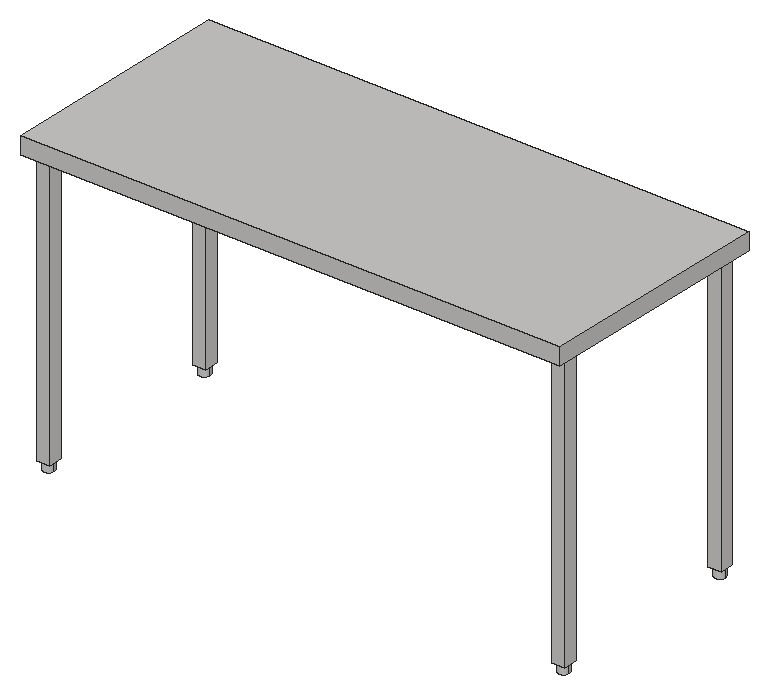
Revit family "QF_ELECTROLUXPROFESSIONAL_132842_WTD1607N", category Attrezzature speciali, Revit 2020
Family settings
  Quota connettore circolare = Usa diametro
  Tipo di parte = Normale
  Basato su piano di lavoro = No
  Sempre verticale = Sì
  Taglio con vuoti quando caricato = No
  Condiviso = No
  Punto di calcolo locali = No
Parameters (values of type "Standard")
  Weight = 53.00 kg
  Watts = 0 W
  Volts = 0 V
  URL Manufacturer = "https://www.electroluxprofessional.com/"
  URL = "https://www.electroluxprofessional.com/"
  Steam Supply Size = 0 mm
  Steam Supply Minimum Pressure = 0.0 Pa
  Steam Supply Maximum Pressure = 0.0 Pa
  Steam Consumption per Hour = 0
  Refrigeration Suction Line Size = 0.0 mm
  Refrigeration Liquid Line Size = 0.0 mm
  Refrigerant Compressor Remote = yes
  Prospetto di default = 0.0 mm
  Produttore = "Electrolux Professional"
  Phase = 0
  Modello = "WTD1607N"
  Length Actual = 1600.0 mm  # constant formula
  Item Number = "132842"
  Hot Water Size = 0 mm
  Height Actual = 900.0 mm  # constant formula
  HP = "0 HP"
  Gas Size = 0 mm
  Gas KW = 0
  Gas Input Pressure = 0 W
  Direct Waste Size = 0 mm
  Descrizione = "WORK TABLE-DISASSEMBLED 1600MM"
  Depth Actual = 700.0 mm  # constant formula
  Cycle = 0 Hz
  Condensate Return Size = 0 mm
  Compressed Air Volume = 0.0 L/s
  Compressed Air Size = 0 mm
  Compressed Air Pressure = 0.0 Pa
  Cold Water Size = 0 mm
  Accessory = yes
Reference planes
  plane 1 "Center (Front/Back)": y = 0
  plane 2: z = 0
  plane 3 "Center (Left/Right)": x = -300
  plane 4 "LEFT": x = -1100
  plane 5 "RIGHT": x = 500
  plane 6 "BACK": y = 350
  plane 7 "FRONT": y = -350
  plane 8 "Base": z = 850
  plane 9 "TOP": z = 900
  plane 10: x = -1064.5
  plane 11: x = 464.5
  plane 12: y = 290
  plane 13: y = -290
Forms (mm)
  Extrusion 1, solid, material "QF_Finishes_Stainless Steel"
    sketch origin (-300, 0, 0) x (0, 1, 0) y (0, 0, 1)
      loop
        line (-350, 850) -> (350, 850) -> (350, 900) -> (-350, 900) -> (-350, 850)
    from 800 to -800
Lines and regions (mm)
  symbolic lines
    curve 1: line (500, 350, 900) -> (-1100, 350, 900)
    curve 2: line (-1100, 350, 900) -> (-1100, -350, 900)
    curve 3: line (-1100, -350, 900) -> (500, -350, 900)
    curve 4: line (500, -350, 900) -> (500, 350, 900)
Dimensions and locks
  plane 4 "LEFT" to plane 5 "RIGHT" = 1600.0 mm
  equal spacing: plane 4 "LEFT", plane 3 "Center (Left/Right)", plane 5 "RIGHT"
  locked: plane 8 "Base" to level at 850
  plane 4 "LEFT" to plane 10 = 35.5 mm
  plane 11 to plane 5 "RIGHT" = 35.5 mm
  plane 10 to plane 11 = 1529.0 mm
  locked: plane 9 "TOP" to level at 900
  plane 6 "BACK" to plane 12 = 60.0 mm
  plane 13 to plane 7 "FRONT" = 60.0 mm
  plane 6 "BACK" to plane 7 "FRONT" = 700.0 mm
  plane 12 to plane 13 = 580.0 mm
  equal spacing: plane 6 "BACK", plane 1 "Center (Front/Back)", plane 7 "FRONT"
  aligned and locked: level to plane 2
  aligned and locked: plane 10 to nested 1
  aligned and locked: nested 1 to plane 13
  aligned and locked: plane 11 to nested 2
  aligned and locked: nested 2 to plane 13
  aligned and locked: plane 11 to nested 4
  aligned and locked: nested 4 to plane 12
  aligned and locked: plane 10 to nested 3
  aligned and locked: nested 3 to plane 12
  aligned and locked: Extrusion 1 to plane 4 "LEFT"
  aligned and locked: plane 5 "RIGHT" to Extrusion 1
  aligned and locked: curve 2 to plane 4 "LEFT"
Automatic sketch dimensions
  Extrusion 1 sketch curve to plane 7 "FRONT" = 0.0 mm
  Extrusion 1 sketch curve to plane 8 "Base" = 0.0 mm
  curve 3 to plane 7 "FRONT" = 0.0 mm
  curve 4 to plane 6 "BACK" = 0.0 mm
  Extrusion 1 sketch curve to plane 9 "TOP" = 0.0 mm
  Extrusion 1 sketch curve to plane 6 "BACK" = 0.0 mm
  curve 4 to plane 5 "RIGHT" = 0.0 mm
Nested families
  nested 1: "FEET_40x40" at (-1064.5, -290, 0), type "FEET_40x40"
  nested 2: "FEET_40x40" at (464.5, -290, 0), type "FEET_40x40"
  nested 3: "FEET_40x40" at (-1064.5, 290, 0), type "FEET_40x40"
  nested 4: "FEET_40x40" at (464.5, 290, 0), type "FEET_40x40"
Definition of nested family "FEET_40x40"
  Parameters
    Default Elevation = 0.0 mm
    FEET = 850.0 mm
  Reference planes
    plane 1 "Center (Front/Back)": y = 0
    plane 2: z = 0
    plane 3 "Center (Left/Right)": x = 0
    plane 4: z = 850
  Forms (mm)
    Extrusion 1, solid
      sketch origin (0, 0, 0) x (1, 0, 0) y (0, 1, 0)
        loop
          line (-20, -20) -> (20, -20) -> (20, 20) -> (-20, 20) -> (-20, -20)
      from 25 to 845
    Extrusion 2, solid
      sketch origin (0, 0, 0) x (1, 0, 0) y (0, 1, 0)
        loop
          circle (0, 0) r 16
      from 0 to 25
    Extrusion 3, solid
      sketch origin (0, 0, 0) x (1, 0, 0) y (0, 1, 0)
        loop
          line (30, 30) -> (-30, 30) -> (-30, -30) -> (30, -30) -> (30, 30)
      from 845 to 850
  Lines and regions (mm)
    symbolic lines
      curve 1: line (0, -1.503, 0) -> (0, 1.508, 0)
      curve 2: line (1.561, 0, 0) -> (-1.439, 0, 0)
  Dimensions and locks
    "FEET": plane 4 to plane 2
    aligned and locked: level to plane 2
  Automatic sketch dimensions
    Extrusion 1 sketch curve to plane 3 "Center (Left/Right)" = 20.0 mm
    plane 3 "Center (Left/Right)" to Extrusion 1 sketch curve = 20.0 mm
    plane 1 "Center (Front/Back)" to Extrusion 1 sketch curve = 20.0 mm
    Extrusion 1 sketch curve to plane 1 "Center (Front/Back)" = 20.0 mm
    plane 1 "Center (Front/Back)" to Extrusion 2 sketch curve = 0.0 mm
    Extrusion 2 sketch curve to plane 3 "Center (Left/Right)" = 0.0 mm
    plane 3 "Center (Left/Right)" to Extrusion 3 sketch curve = 30.0 mm
    Extrusion 3 sketch curve to plane 1 "Center (Front/Back)" = 30.0 mm
    Extrusion 3 sketch curve to plane 3 "Center (Left/Right)" = 30.0 mm
    plane 1 "Center (Front/Back)" to Extrusion 3 sketch curve = 30.0 mm
    plane 1 "Center (Front/Back)" to curve 2 = 0.0 mm
    curve 1 to plane 3 "Center (Left/Right)" = 0.0 mm
    curve 2 to plane 3 "Center (Left/Right)" = 1.439 mm
    plane 3 "Center (Left/Right)" to curve 2 = 1.561 mm
    plane 1 "Center (Front/Back)" to curve 1 = 1.503 mm
    curve 1 to plane 1 "Center (Front/Back)" = 1.508 mm
    radius of Extrusion 2 sketch curve = 16.0 mm
